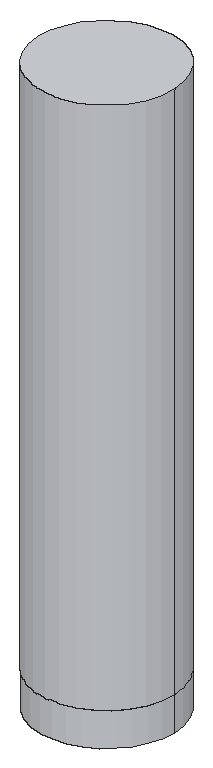
Revit family "b624c6faf6cd48818c84bb72402d2ad5", category Sprinklers, host Face, Revit 2021
Family settings
  Host = Face
  Maintain Annotation Orientation = Yes
  Round Connector Dimension = Use Radius
  Part Type = Normal
  OmniClass Number = 23.65.70.17.11.24
  OmniClass Title = Fire Fighting Sprinkler Heads
  Seek Item ID = Sprinkler - Pendent - Hosted-0000-USA-ENU
  Cut with Voids When Loaded = No
  Shared = No
  Room Calculation Point = No
Parameters (values of type "1/2" Pendent")
  Temperature Rating = 135 °F
  Symbol [instance] = Sprinkler - Symbol - Pendent : Sprinkler - Symbol - Pendent
  Response = Standard
  Pressure Drop [instance] = 7.00 psi
  Pressure Class = Standard
  Orifice Size = 1/2"
  Orifice = Standard
  K-Factor = 5.6
  Flow [instance] = 30 GPM
  Escutcheon Diameter = Nominal Diameter  # 1/2"
  Coverage = Standard
  Nominal Diameter = Nominal Radius * 2  # 1/2"
  Nominal Radius = 1/4"
  Escutcheon Radius = 0.5 * Escutcheon Diameter  # 1/4"
  Protrusion = Overall Length - CEL  # 2 1/8"
  Overall Length = 2 3/8"
  Escutcheon Thickness = 1/8"
  Default Elevation = 8' - 0"
  CEL = 1/4"
  Assembly Code = ""
Types (8): name | Symbol | Pressure Drop | Orifice Size | K-Factor | Flow | Escutcheon Diameter | Nominal Diameter | Nominal Radius | Escutcheon Radius | Overall Length | CEL
  1/2" Pendent | Sprinkler - Symbol - Pendent : Sprinkler - Symbol - Pendent | 7.00 psi | 1/2" | 5.6 | 30 GPM | 1/2" | 1/2" | 1/4" | 1/4" | 2 3/8" | 1/4"
  1/2" Pendent on Drop | Sprinkler - Symbol - Pendent on Drop : Sprinkler - Symbol - Pendent on Drop | 7.00 psi | 1/2" | 5.6 | 30 GPM | 1/2" | 1/2" | 1/4" | 1/4" | 2 3/8" | 1/4"
  1/2" Pendent on Drop with Guard | Sprinkler - Symbol - Pendent on Drop with Guard : Sprinkler - Symbol - Pendent on Drop with Guard | 7.00 psi | 1/2" | 5.6 | 30 GPM | 1/2" | 1/2" | 1/4" | 1/4" | 2 3/8" | 1/4"
  1/2" Pendent with Guard | Sprinkler - Symbol - Pendent with Guard : Sprinkler - Symbol - Pendent with Guard | 7.00 psi | 1/2" | 5.6 | 30 GPM | 1/2" | 1/2" | 1/4" | 1/4" | 2 3/8" | 1/4"
  3/4" Pendent | Sprinkler - Symbol - Pendent : Sprinkler - Symbol - Pendent | 14.00 psi | 17/32" | 8 | 43 GPM | 3/4" | 3/4" | 3/8" | 3/8" | 2 1/2" | 3/8"
  3/4" Pendent on Drop | Sprinkler - Symbol - Pendent on Drop : Sprinkler - Symbol - Pendent on Drop | 14.00 psi | 17/32" | 8 | 43 GPM | 3/4" | 3/4" | 3/8" | 3/8" | 2 1/2" | 3/8"
  3/4" Pendent on Drop with Guard | Sprinkler - Symbol - Pendent on Drop with Guard : Sprinkler - Symbol - Pendent on Drop with Guard | 14.00 psi | 17/32" | 8 | 43 GPM | 3/4" | 3/4" | 3/8" | 3/8" | 2 1/2" | 3/8"
  3/4" Pendent with Guard | Sprinkler - Symbol - Pendent with Guard : Sprinkler - Symbol - Pendent with Guard | 14.00 psi | 17/32" | 8 | 43 GPM | 3/4" | 3/4" | 3/8" | 3/8" | 2 1/2" | 3/8"
Reference planes (in)
  plane 1 "Center (Front/Back)": y = 0
  plane 2: z = 0
  plane 3 "Center (Left/Right)": x = 0
  plane 4: z = -0.25
  plane 5: z = 0.125
  plane 6: z = 2.125
  plane 7: z = 0
Forms (in)
  Extrusion 1, solid
    sketch origin (0, 0, 0) x (1, 0, 0) y (0, 1, 0)
      loop
        circle (0, 0) r 0.25
    from 0 to 2.125
  Extrusion 2, solid
    sketch origin (0, 0, 0) x (1, 0, 0) y (0, 1, 0)
      loop
        circle (0, 0) r 0.25
    from 0 to 0.125
Cuts and joins
  joined: Extrusion 1, Extrusion 2
Dimensions and locks (in)
  "Escutcheon Thickness": plane 5 to level
  "Protrusion": plane 6 to level
  "Overall Length": plane 6 to plane 4
  "CEL": plane 7 to plane 4
  "Nominal Radius": radius of Extrusion 1 sketch curve
  "Escutcheon Radius": radius of Extrusion 2 sketch curve
  aligned and locked: plane 2 to host face
  aligned and locked: level to host face
  aligned and locked: Extrusion 2 to level
  aligned and locked: plane 5 to Extrusion 2
  aligned and locked: plane 6 to Extrusion 1
  aligned and locked: Extrusion 1 to plane 7
Automatic sketch dimensions
  Extrusion 1 sketch curve to plane 1 "Center (Front/Back)" = 0' - 0"
  Extrusion 1 sketch curve to plane 3 "Center (Left/Right)" = 0' - 0"
  Extrusion 2 sketch curve to plane 1 "Center (Front/Back)" = 0' - 0"
  Extrusion 2 sketch curve to plane 3 "Center (Left/Right)" = 0' - 0"
  host sketch curve to host sketch curve = 8' - 0"  (x2)
Nested families (in)
  nested 1: "Sprinkler - Symbol - Pendent" at (0, 0, 0), type <- "Symbol", type "Sprinkler - Symbol - Pendent"
Connectors (in)
  piping at (0, 0, 0), diameter 0.5, driven by "Nominal Radius", driven by "Flow", driven by "Pressure Drop"
    settings: on cut or joined group of Extrusion 1, Extrusion 2, index 1, connector inside diameter 1/2", connector length 0' - 0", flow factor 0, pipe flow 30 GPM, pressure drop 7.00 psi, fitting loss kfactor 0, connector angle 0.00°, fixture units 0, engagement length 0' - 0", angle of deflection 0.00°, flow configuration 1, flow direction 1, fitting loss method 4, system type 23, joint type 0, gender type 0, connector reference index -1, connector utility 0, adjustable connector no, is connector primary yes, connector description "In"
Definition of nested family "Sprinkler - Symbol - Pendent"
  Parameters
    Symbol Radius = 0.5 * Symbol Diameter  # 0' - 0 1/16"
    Symbol Diameter = 0' - 0 1/8"
  Reference planes (in)
    plane 1: y = 0
    plane 2: x = 0
  Lines and regions (in)
    detail lines
      curve 1: circle (0, 0, 0) r 0.0625 normal (0, 0, 1)
  Dimensions and locks (in)
    "Symbol Radius": radius of curve 1
  Automatic sketch dimensions
    curve 1 to plane 1 = 0' - 0"
    curve 1 to plane 2 = 0' - 0"
